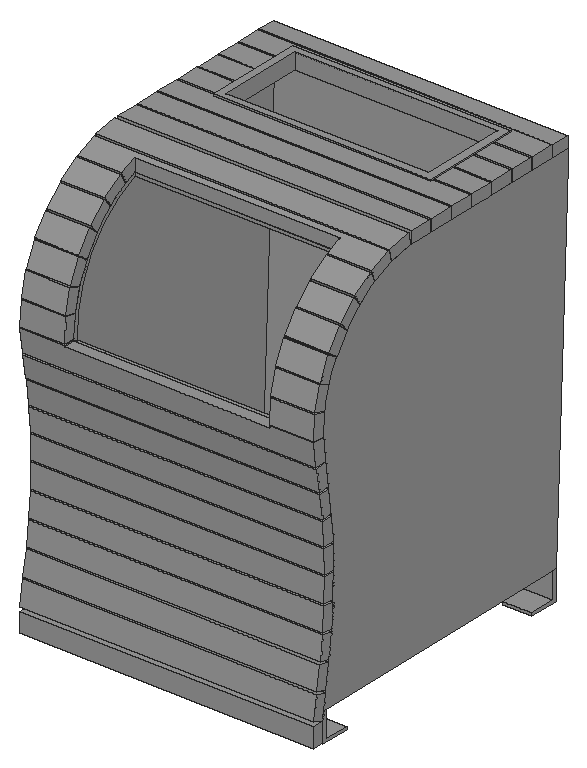
Revit family "Урна «Парабола» Арт 16294", category Антураж, Revit 2018
Family settings
  На основе рабочей плоскости = Нет
  Всегда вертикально = Да
  При загрузке вырезать с полостями = Нет
  Источник визуального образа = Геометрия семейства
  Общий = Нет
  Точка расчета площади = Нет
Parameters (values of type "Стандарт")
  Ширина = 540 mm  # constant formula
  Цвет отделки = Дерево Тик
  Цвет каркаса = Сталь
  Описание = "Урна «Парабола»"  # constant formula
  Материал изделия = "Сталь, дерево"  # constant formula
  Изображение типоразмера = Урна «Парабола» Арт 16294.jpg
  Изготовитель = "ООО «Хоббика»"  # constant formula
  Длина = 500 mm  # constant formula
  Группа модели = "Уличные урны"  # constant formula
  Высота = 700 mm  # constant formula
  Артикул товара = "Арт. 16294"  # constant formula
  URL = "https://hobbyka.ru/product/urna_parabola/"
Reference planes
  plane 1 "По центру (Вперед/Назад)": y = 0
  plane 2: z = 0
  plane 3 "По центру (Влево/Вправо)": x = 0
  plane 4: x = 500
  plane 5: y = 540
  plane 6: z = 700
Forms (mm)
  Extrusion 1, solid, material "Сталь" <- "Цвет каркаса"
    sketch origin (0, 0, 0) x (0, 1, 0) y (0, 0, 1)
      loop
        line (514.335, 50) -> (509.335, 50) -> (509.335, 5) -> (464.335, 5) -> (464.335, 0) -> (514.335, 0) -> (514.335, 50)
      loop
        line (20, 50) -> (20, 0) -> (70, 0) -> (70, 5) -> (25, 5) -> (25, 50) -> (20, 50)
    from 0 to 50
  Extrusion 2, solid, material "Сталь" <- "Цвет каркаса"
    sketch origin (0, 0, 0) x (0, 1, 0) y (0, 0, 1)
      loop
        line (25, 50) -> (20, 50) -> (20, 0) -> (70, 0) -> (70, 5) -> (25, 5) -> (25, 50)
      loop
        line (509.335, 5) -> (464.335, 5) -> (464.335, 0) -> (514.335, 0) -> (514.335, 50) -> (509.335, 50) -> (509.335, 5)
    from 450 to 500
  Extrusion 3, solid, material "Сталь" <- "Цвет каркаса"
    sketch origin (0, 0, 0) x (0, 1, 0) y (0, 0, 1)
      loop
        arc (514.338, 50.133) -> (523.535, 354.122) -> (540, 657.804) r 12714.661
        line (540, 657.804) -> (540, 679.977) -> (205.507, 679.977)
        arc (205.507, 679.977) -> (60.576, 595.752) -> (25.653, 431.803) r 206.825
        arc (25.653, 431.803) -> (44.381, 240.729) -> (21.284, 50.133) r 881.232
        line (21.284, 50.133) -> (514.338, 50.133)
    from 0 to 500
  Extrusion 4, void
    sketch origin (0, 0, 0) x (0, 1, 0) y (0, 0, 1)
      loop
        line (535, 657.969) -> (535, 674.977) -> (205.779, 674.977)
        arc (205.779, 674.977) -> (64.542, 592.709) -> (30.542, 432.834) r 201.824
        arc (30.542, 432.834) -> (49.407, 243.823) -> (27.561, 55.132) r 886.23
        line (27.561, 55.132) -> (509.43, 55.132)
        arc (509.43, 55.132) -> (518.64, 356.702) -> (535, 657.969) r 12719.661
    from 5 to 495
  Extrusion 5, solid, material "Дерево Тик" <- "Цвет отделки"
    sketch origin (0, 0, 0) x (0, 1, 0) y (0, 0, 1)
      loop
        line (540, 679.977) -> (540, 700) -> (508.75, 700) -> (508.75, 679.977) -> (540, 679.977)
      loop
        line (505.75, 679.977) -> (505.75, 700) -> (465.75, 700) -> (465.75, 679.977) -> (505.75, 679.977)
      loop
        line (462.75, 679.977) -> (462.75, 700) -> (422.75, 700) -> (422.75, 679.977) -> (462.75, 679.977)
      loop
        line (419.75, 679.977) -> (419.75, 700) -> (379.75, 700) -> (379.75, 679.977) -> (419.75, 679.977)
      loop
        line (376.75, 679.977) -> (376.75, 700) -> (336.75, 700) -> (336.75, 679.977) -> (376.75, 679.977)
      loop
        line (333.75, 679.977) -> (333.75, 700) -> (293.75, 700) -> (293.75, 679.977) -> (333.75, 679.977)
      loop
        line (290.75, 679.977) -> (290.75, 700) -> (250.75, 700) -> (250.75, 679.977) -> (290.75, 679.977)
      loop
        line (247.75, 679.977) -> (247.75, 700) -> (207.75, 700) -> (207.75, 679.977) -> (247.75, 679.977)
      loop
        line (203.9, 680.064) -> (201.529, 699.866)
        arc (201.529, 699.866) -> (181.651, 696.82) -> (162.124, 692.018) r 225.851
        line (162.124, 692.018) -> (166.635, 672.459)
        arc (166.635, 672.459) -> (185.091, 677.124) -> (203.9, 680.064) r 205.811
      loop
        arc (159.724, 691.291) -> (141.01, 684.591) -> (122.957, 676.273) r 225.93
        line (122.957, 676.273) -> (130.381, 657.589)
        arc (130.381, 657.589) -> (147.216, 665.501) -> (164.697, 671.862) r 205.886
        line (164.697, 671.862) -> (159.724, 691.291)
      loop
        arc (120.747, 675.26) -> (103.604, 665.201) -> (87.411, 653.673) r 225.93
        line (87.411, 653.673) -> (98.177, 636.694)
        arc (98.177, 636.694) -> (113.249, 647.596) -> (129.244, 657.094) r 205.886
        line (129.244, 657.094) -> (120.747, 675.26)
      loop
        arc (85.504, 652.168) -> (70.527, 639.1) -> (56.756, 624.767) r 225.93
        line (56.756, 624.767) -> (70.487, 610.081)
        arc (70.487, 610.081) -> (83.273, 623.593) -> (97.226, 635.895) r 205.886
        line (97.226, 635.895) -> (85.504, 652.168)
      loop
        arc (55.161, 622.934) -> (42.871, 607.312) -> (32.001, 590.671) r 225.93
        line (32.001, 590.671) -> (48.221, 578.791)
        arc (48.221, 578.791) -> (58.275, 594.441) -> (69.702, 609.12) r 205.886
        line (69.702, 609.12) -> (55.161, 622.934)
      loop
        arc (30.684, 588.629) -> (21.514, 570.994) -> (13.928, 552.621) r 225.93
        line (13.928, 552.621) -> (32.074, 543.965)
        arc (32.074, 543.965) -> (39.043, 561.213) -> (47.54, 577.761) r 205.886
        line (47.54, 577.761) -> (30.684, 588.629)
      loop
        arc (13.014, 550.37) -> (7.283, 531.337) -> (3.247, 511.875) r 225.93
        line (3.247, 511.875) -> (22.687, 506.744)
        arc (22.687, 506.744) -> (26.326, 524.987) -> (31.597, 542.826) r 205.886
        line (31.597, 542.826) -> (13.014, 550.37)
      loop
        arc (2.818, 509.483) -> (0.717, 489.717) -> (0.362, 469.844) r 225.93
        line (0.362, 469.844) -> (20.415, 468.408)
        arc (20.415, 468.408) -> (20.608, 487.009) -> (22.478, 505.517) r 205.886
        line (22.478, 505.517) -> (2.818, 509.483)
      loop
        arc (0.355, 467.415) -> (1.967, 447.603) -> (5.314, 428.011) r 225.93
        line (5.314, 428.011) -> (25.285, 430.33)
        arc (25.285, 430.33) -> (22.014, 448.642) -> (20.409, 467.175) r 205.886
        line (20.409, 467.175) -> (0.355, 467.415)
      loop
        line (25.682, 427.356) -> (5.744, 425.04)
        arc (5.744, 425.04) -> (9.522, 405.359) -> (12.842, 385.596) r 861.392
        line (12.842, 385.596) -> (32.723, 387.905)
        arc (32.723, 387.905) -> (29.427, 407.67) -> (25.682, 427.356) r 881.392
      loop
        line (33.344, 383.839) -> (13.315, 382.525)
        arc (13.315, 382.525) -> (16.102, 362.68) -> (18.426, 342.775) r 861.392
        line (18.426, 342.775) -> (38.398, 344.084)
        arc (38.398, 344.084) -> (36.097, 363.99) -> (33.344, 383.839) r 881.392
      loop
        line (38.819, 339.99) -> (18.749, 339.685)
        arc (18.749, 339.685) -> (20.535, 319.724) -> (21.856, 299.727) r 861.392
        line (21.856, 299.727) -> (41.868, 300.031)
        arc (41.868, 300.031) -> (40.571, 320.028) -> (38.819, 339.99) r 881.392
      loop
        line (42.078, 295.924) -> (22.019, 296.625)
        arc (22.019, 296.625) -> (22.802, 276.6) -> (23.119, 256.562) r 861.392
        line (23.119, 256.562) -> (43.121, 255.863)
        arc (43.121, 255.863) -> (42.827, 275.899) -> (42.078, 295.924) r 881.392
      loop
        line (43.125, 251.75) -> (23.126, 253.456)
        arc (23.126, 253.456) -> (22.904, 233.417) -> (22.217, 213.388) r 861.392
        line (22.217, 213.388) -> (42.159, 211.687)
        arc (42.159, 211.687) -> (42.87, 231.713) -> (43.125, 251.75) r 881.392
      loop
        line (41.957, 207.579) -> (22.068, 210.285)
        arc (22.068, 210.285) -> (20.843, 190.282) -> (19.152, 170.313) r 861.392
        line (19.152, 170.313) -> (38.984, 167.615)
        arc (38.984, 167.615) -> (40.698, 187.58) -> (41.957, 207.579) r 881.392
      loop
        line (38.566, 163.527) -> (18.838, 167.223)
        arc (18.838, 167.223) -> (16.614, 147.306) -> (13.928, 127.447) r 861.392
        line (13.928, 127.447) -> (33.601, 123.761)
        arc (33.601, 123.761) -> (36.31, 143.616) -> (38.566, 163.527) r 881.392
      loop
        line (32.992, 119.69) -> (13.474, 124.373)
        arc (13.474, 124.373) -> (10.253, 104.594) -> (6.571, 84.894) r 861.392
        line (6.571, 84.894) -> (26.034, 80.224)
        arc (26.034, 80.224) -> (29.737, 99.918) -> (32.992, 119.69) r 881.392
      loop
        line (5.96, 81.849) -> (0, 41.91) -> (19.372, 36.22) -> (25.332, 76.159) -> (5.96, 81.849)
      loop
        line (20, 2.2) -> (20, 34.739) -> (0, 34.739) -> (0, 2.2) -> (20, 2.2)
    from 0 to 500
  Extrusion 6, void
    sketch origin (0, 0, 0) x (1, 0, 0) y (0, 1, 0)
      loop
        line (75, 490) -> (75, 340) -> (425, 340) -> (425, 490) -> (75, 490)
      loop
        line (75, 150) -> (75, 0) -> (425, 0) -> (425, 150) -> (75, 150)
    from 464.975 to 818.345
  Sweep 7, solid, material "Сталь" <- "Цвет каркаса"
    path origin (0, 0, 0) x (1, 0, 0) y (0, 1, 0)
      loop
        line (75, 490) -> (75, 340) -> (425, 340) -> (425, 490) -> (75, 490)
    profile origin (250, 490, 0) x (0, 1, 0) y (0, 0, 1)
      loop
        line (0, 674.977) -> (0, 700) -> (10, 700) -> (10, 702.2) -> (-2, 702.2) -> (-2, 674.977) -> (0, 674.977)
Cuts and joins
  Extrusion 4, Extrusion 6 cuts Extrusion 3
  joined: Extrusion 3, Sweep 7
  Extrusion 6 cuts Extrusion 5
Dimensions and locks
  "Ширина": plane 5 to plane 1 "По центру (Вперед/Назад)"
  "Длина": plane 3 "По центру (Влево/Вправо)" to plane 4
  "Высота": plane 6 to level
  aligned and locked: level to plane 2
  aligned and locked: plane 4 to Extrusion 2
  aligned and locked: plane 4 to Extrusion 3
  aligned and locked: plane 4 to Extrusion 5
Automatic sketch dimensions
  Extrusion 1 sketch curve to level = 0 mm  (x2)
  Extrusion 1 sketch curve to plane 1 "По центру (Вперед/Назад)" = 20 mm
  Extrusion 1 sketch curve to Extrusion 1 sketch curve = 5 mm  (x2)
  level to Extrusion 1 sketch curve = 5 mm  (x2)
  Extrusion 1 sketch curve to Extrusion 1 sketch curve = 45 mm  (x3)
  Extrusion 1 sketch curve to plane 5 = 75.665 mm
  Extrusion 1 sketch curve to plane 5 = 30.665 mm
  Extrusion 2 sketch curve to level = 0 mm  (x2)
  Extrusion 2 sketch curve to plane 1 "По центру (Вперед/Назад)" = 20 mm
  Extrusion 2 sketch curve to Extrusion 2 sketch curve = 5 mm  (x2)
  Extrusion 2 sketch curve to Extrusion 2 sketch curve = 45 mm  (x3)
  Extrusion 2 sketch curve to plane 5 = 75.665 mm
  level to Extrusion 2 sketch curve = 5 mm  (x2)
  Extrusion 2 sketch curve to plane 5 = 30.665 mm
  Extrusion 3 sketch curve to plane 5 = 0 mm
  Extrusion 3 sketch curve to plane 5 = 25.662 mm
  Extrusion 3 sketch curve to plane 1 "По центру (Вперед/Назад)" = 228.046 mm
  Extrusion 3 sketch curve to plane 6 = 20.023 mm
  Extrusion 3 sketch curve to plane 1 "По центру (Вперед/Назад)" = 205.507 mm
  Extrusion 3 sketch curve to plane 1 "По центру (Вперед/Назад)" = 21.284 mm
  level to Extrusion 3 sketch curve = 250.815 mm
  plane 1 "По центру (Вперед/Назад)" to Extrusion 3 sketch curve = 836.794 mm
  Extrusion 3 sketch curve to level = 182.334 mm
  plane 5 to Extrusion 3 sketch curve = 12686.874 mm
  level to Extrusion 3 sketch curve = 50.133 mm
  Extrusion 3 sketch curve to Extrusion 3 sketch curve = 205.593 mm
  Extrusion 5 sketch curve to Extrusion 5 sketch curve = 0 mm  (x116)
  Extrusion 5 sketch curve to plane 1 "По центру (Вперед/Назад)" = 0 mm  (x2)
  level to Extrusion 5 sketch curve = 2.2 mm
  Extrusion 5 sketch curve to plane 5 = 0 mm
  level to Extrusion 5 sketch curve = 252.821 mm
  plane 1 "По центру (Вперед/Назад)" to Extrusion 5 sketch curve = 838.255 mm
  Extrusion 5 sketch curve to Extrusion 5 sketch curve = 0.01 mm  (x2)
  Extrusion 5 sketch curve to Extrusion 5 sketch curve = 0.035 mm
  Extrusion 5 sketch curve to plane 1 "По центру (Вперед/Назад)" = 0.355 mm
  Extrusion 5 sketch curve to plane 1 "По центру (Вперед/Назад)" = 0.362 mm
  Extrusion 5 sketch curve to plane 1 "По центру (Вперед/Назад)" = 2.818 mm
  Extrusion 5 sketch curve to Extrusion 5 sketch curve = 0.429 mm
  Extrusion 5 sketch curve to plane 1 "По центру (Вперед/Назад)" = 5.314 mm
  Extrusion 5 sketch curve to Extrusion 5 sketch curve = 0.43 mm
  Extrusion 5 sketch curve to plane 1 "По центру (Вперед/Назад)" = 5.96 mm
  Extrusion 5 sketch curve to Extrusion 5 sketch curve = 0.612 mm
  Extrusion 5 sketch curve to plane 1 "По центру (Вперед/Назад)" = 12.842 mm
  Extrusion 5 sketch curve to plane 1 "По центру (Вперед/Назад)" = 13.014 mm
  Extrusion 5 sketch curve to Extrusion 5 sketch curve = 0.473 mm
  Extrusion 5 sketch curve to plane 1 "По центру (Вперед/Назад)" = 13.474 mm
  Extrusion 5 sketch curve to Extrusion 5 sketch curve = 0.454 mm
  Extrusion 5 sketch curve to Extrusion 5 sketch curve = 0.915 mm
  Extrusion 5 sketch curve to plane 1 "По центру (Вперед/Назад)" = 18.426 mm
  Extrusion 5 sketch curve to Extrusion 5 sketch curve = 0.323 mm
  Extrusion 5 sketch curve to plane 1 "По центру (Вперед/Назад)" = 18.838 mm
  Extrusion 5 sketch curve to Extrusion 5 sketch curve = 0.315 mm
  Extrusion 5 sketch curve to plane 1 "По центру (Вперед/Назад)" = 19.372 mm
  Extrusion 5 sketch curve to Extrusion 5 sketch curve = 0.628 mm
  Extrusion 5 sketch curve to Extrusion 5 sketch curve = 20.054 mm
  Extrusion 5 sketch curve to Extrusion 5 sketch curve = 0.007 mm  (x3)
  Extrusion 5 sketch curve to plane 1 "По центру (Вперед/Назад)" = 21.856 mm
  Extrusion 5 sketch curve to Extrusion 5 sketch curve = 0.163 mm
  Extrusion 5 sketch curve to plane 1 "По центру (Вперед/Назад)" = 22.068 mm
  Extrusion 5 sketch curve to Extrusion 5 sketch curve = 0.148 mm
  Extrusion 5 sketch curve to Extrusion 5 sketch curve = 19.66 mm
  Extrusion 5 sketch curve to Extrusion 5 sketch curve = 0.209 mm
  Extrusion 5 sketch curve to plane 1 "По центру (Вперед/Назад)" = 23.119 mm
  Extrusion 5 sketch curve to Extrusion 5 sketch curve = 19.971 mm
  Extrusion 5 sketch curve to Extrusion 5 sketch curve = 19.372 mm
  Extrusion 5 sketch curve to Extrusion 5 sketch curve = 0.397 mm
  Extrusion 5 sketch curve to Extrusion 5 sketch curve = 0.702 mm
  Extrusion 5 sketch curve to plane 1 "По центру (Вперед/Назад)" = 30.684 mm
  Extrusion 5 sketch curve to Extrusion 5 sketch curve = 18.583 mm
  Extrusion 5 sketch curve to Extrusion 5 sketch curve = 1.317 mm
  Extrusion 5 sketch curve to Extrusion 5 sketch curve = 0.478 mm
  Extrusion 5 sketch curve to Extrusion 5 sketch curve = 19.881 mm
  Extrusion 5 sketch curve to Extrusion 5 sketch curve = 19.518 mm
  Extrusion 5 sketch curve to Extrusion 5 sketch curve = 0.621 mm
  Extrusion 5 sketch curve to Extrusion 5 sketch curve = 0.609 mm
  Extrusion 5 sketch curve to Extrusion 5 sketch curve = 19.972 mm
  Extrusion 5 sketch curve to Extrusion 5 sketch curve = 19.729 mm
  Extrusion 5 sketch curve to Extrusion 5 sketch curve = 0.42 mm
  Extrusion 5 sketch curve to Extrusion 5 sketch curve = 0.418 mm
  Extrusion 5 sketch curve to Extrusion 5 sketch curve = 20.013 mm
  Extrusion 5 sketch curve to Extrusion 5 sketch curve = 19.889 mm
  Extrusion 5 sketch curve to Extrusion 5 sketch curve = 0.21 mm
  Extrusion 5 sketch curve to Extrusion 5 sketch curve = 0.202 mm
  Extrusion 5 sketch curve to Extrusion 5 sketch curve = 20.003 mm
  Extrusion 5 sketch curve to Extrusion 5 sketch curve = 0.004 mm
  Extrusion 5 sketch curve to Extrusion 5 sketch curve = 16.856 mm
  Extrusion 5 sketch curve to Extrusion 5 sketch curve = 0.681 mm
  Extrusion 5 sketch curve to Extrusion 5 sketch curve = 23.16 mm
  Extrusion 5 sketch curve to Extrusion 5 sketch curve = 1.595 mm
  Extrusion 5 sketch curve to Extrusion 5 sketch curve = 14.54 mm
  Extrusion 5 sketch curve to Extrusion 5 sketch curve = 0.786 mm
  Extrusion 5 sketch curve to plane 6 = 47.832 mm
  Extrusion 5 sketch curve to Extrusion 5 sketch curve = 28.748 mm
  Extrusion 5 sketch curve to Extrusion 5 sketch curve = 1.907 mm
  Extrusion 5 sketch curve to plane 6 = 64.105 mm
  Extrusion 5 sketch curve to Extrusion 5 sketch curve = 11.722 mm
  Extrusion 5 sketch curve to Extrusion 5 sketch curve = 0.951 mm
  Extrusion 5 sketch curve to plane 6 = 24.74 mm
  Extrusion 5 sketch curve to Extrusion 5 sketch curve = 33.336 mm
  Extrusion 5 sketch curve to plane 6 = 23.727 mm
  Extrusion 5 sketch curve to Extrusion 5 sketch curve = 2.211 mm
  Extrusion 5 sketch curve to plane 6 = 42.906 mm
  Extrusion 5 sketch curve to Extrusion 5 sketch curve = 8.497 mm
  Extrusion 5 sketch curve to plane 6 = 42.411 mm
  Extrusion 5 sketch curve to Extrusion 5 sketch curve = 1.137 mm
  Extrusion 5 sketch curve to plane 6 = 8.709 mm
  Extrusion 5 sketch curve to Extrusion 5 sketch curve = 36.766 mm
  Extrusion 5 sketch curve to plane 6 = 7.982 mm
  Extrusion 5 sketch curve to Extrusion 5 sketch curve = 2.4 mm
  Extrusion 5 sketch curve to plane 6 = 28.138 mm
  Extrusion 5 sketch curve to Extrusion 5 sketch curve = 4.974 mm
  Extrusion 5 sketch curve to plane 6 = 27.541 mm
  Extrusion 5 sketch curve to Extrusion 5 sketch curve = 1.937 mm
  Extrusion 5 sketch curve to plane 6 = 0.134 mm
  Extrusion 5 sketch curve to Extrusion 5 sketch curve = 39.405 mm
  Extrusion 5 sketch curve to plane 6 = 19.936 mm
  Extrusion 5 sketch curve to Extrusion 5 sketch curve = 2.371 mm
  Extrusion 5 sketch curve to plane 6 = 0 mm  (x8)
  Extrusion 5 sketch curve to Extrusion 5 sketch curve = 6.221 mm
  Extrusion 5 sketch curve to Extrusion 5 sketch curve = 18.015 mm
  Extrusion 5 sketch curve to Extrusion 5 sketch curve = 0.355 mm
  Extrusion 5 sketch curve to Extrusion 5 sketch curve = 0.009 mm
  Extrusion 5 sketch curve to Extrusion 5 sketch curve = 0.056 mm  (x2)
  Extrusion 5 sketch curve to Extrusion 5 sketch curve = 0.032 mm
  Extrusion 5 sketch curve to Extrusion 5 sketch curve = 0.07 mm
  Extrusion 5 sketch curve to Extrusion 5 sketch curve = 0.011 mm
  Extrusion 5 sketch curve to Extrusion 5 sketch curve = 0.001 mm  (x2)
  Extrusion 5 sketch curve to Extrusion 5 sketch curve = 0.026 mm
  Extrusion 5 sketch curve to Extrusion 5 sketch curve = 0.061 mm
  Extrusion 5 sketch curve to Extrusion 5 sketch curve = 0.019 mm
  Extrusion 5 sketch curve to Extrusion 5 sketch curve = 0.077 mm
  Extrusion 5 sketch curve to Extrusion 5 sketch curve = 0.034 mm
  Extrusion 5 sketch curve to Extrusion 5 sketch curve = 40 mm  (x6)
  Extrusion 5 sketch curve to Extrusion 5 sketch curve = 3 mm  (x7)
  Extrusion 5 sketch curve to plane 5 = 34.25 mm
  level to Extrusion 5 sketch curve = 34.739 mm
  Extrusion 5 sketch curve to Extrusion 5 sketch curve = 1.481 mm
  Extrusion 5 sketch curve to Extrusion 5 sketch curve = 7.17 mm
  Extrusion 5 sketch curve to Extrusion 5 sketch curve = 39.939 mm
  Extrusion 5 sketch curve to Extrusion 5 sketch curve = 4.065 mm
  Extrusion 5 sketch curve to Extrusion 5 sketch curve = 1.624 mm
  Extrusion 5 sketch curve to Extrusion 5 sketch curve = 3.046 mm
  Extrusion 5 sketch curve to Extrusion 5 sketch curve = 39.466 mm
  Extrusion 5 sketch curve to Extrusion 5 sketch curve = 4.071 mm
  Extrusion 5 sketch curve to Extrusion 5 sketch curve = 3.074 mm
  Extrusion 5 sketch curve to Extrusion 5 sketch curve = 39.766 mm
  Extrusion 5 sketch curve to Extrusion 5 sketch curve = 4.088 mm
  Extrusion 5 sketch curve to Extrusion 5 sketch curve = 3.09 mm  (x2)
  Extrusion 5 sketch curve to Extrusion 5 sketch curve = 4.108 mm  (x2)
  Extrusion 5 sketch curve to Extrusion 5 sketch curve = 3.103 mm
  Extrusion 5 sketch curve to Extrusion 5 sketch curve = 4.113 mm
  Extrusion 5 sketch curve to Extrusion 5 sketch curve = 3.106 mm
  Extrusion 5 sketch curve to Extrusion 5 sketch curve = 3.102 mm
  Extrusion 5 sketch curve to Extrusion 5 sketch curve = 4.095 mm
  Extrusion 5 sketch curve to Extrusion 5 sketch curve = 3.07 mm
  Extrusion 5 sketch curve to Extrusion 5 sketch curve = 4.066 mm
  Extrusion 5 sketch curve to Extrusion 5 sketch curve = 2.97 mm
  Extrusion 5 sketch curve to Extrusion 5 sketch curve = 2.974 mm
  Extrusion 5 sketch curve to Extrusion 5 sketch curve = 36.845 mm
  Extrusion 5 sketch curve to Extrusion 5 sketch curve = 0.24 mm
  Extrusion 5 sketch curve to Extrusion 5 sketch curve = 1.233 mm
  Extrusion 5 sketch curve to Extrusion 5 sketch curve = 2.429 mm
  Extrusion 5 sketch curve to Extrusion 5 sketch curve = 0.044 mm
  Extrusion 5 sketch curve to Extrusion 5 sketch curve = 0.027 mm
  Extrusion 5 sketch curve to Extrusion 5 sketch curve = 0.045 mm
  Extrusion 5 sketch curve to Extrusion 5 sketch curve = 0.124 mm
  Extrusion 5 sketch curve to Extrusion 5 sketch curve = 0.072 mm
  Extrusion 5 sketch curve to Extrusion 5 sketch curve = 0.047 mm
  Extrusion 5 sketch curve to Extrusion 5 sketch curve = 0.115 mm
  Extrusion 5 sketch curve to Extrusion 5 sketch curve = 0.112 mm
  Extrusion 5 sketch curve to Extrusion 5 sketch curve = 0.037 mm
  Extrusion 5 sketch curve to Extrusion 5 sketch curve = 1.227 mm
  Extrusion 5 sketch curve to Extrusion 5 sketch curve = 2.392 mm
  Extrusion 5 sketch curve to Extrusion 5 sketch curve = 1.139 mm
  Extrusion 5 sketch curve to Extrusion 5 sketch curve = 2.251 mm
  Extrusion 5 sketch curve to Extrusion 5 sketch curve = 1.03 mm
  Extrusion 5 sketch curve to Extrusion 5 sketch curve = 2.042 mm
  Extrusion 5 sketch curve to Extrusion 5 sketch curve = 20.023 mm
  Extrusion 5 sketch curve to Extrusion 5 sketch curve = 0.087 mm
  Extrusion 4 sketch curve to plane 5 = 5 mm
  Extrusion 4 sketch curve to plane 5 = 30.57 mm
  Extrusion 4 sketch curve to plane 1 "По центру (Вперед/Назад)" = 228.042 mm
  Extrusion 4 sketch curve to plane 6 = 25.023 mm
  Extrusion 4 sketch curve to plane 1 "По центру (Вперед/Назад)" = 205.779 mm
  Extrusion 4 sketch curve to plane 1 "По центру (Вперед/Назад)" = 27.561 mm
  level to Extrusion 4 sketch curve = 250.817 mm
  plane 1 "По центру (Вперед/Назад)" to Extrusion 4 sketch curve = 836.795 mm
  Extrusion 4 sketch curve to level = 182.334 mm
  plane 5 to Extrusion 4 sketch curve = 12686.874 mm
  level to Extrusion 4 sketch curve = 55.132 mm
  Extrusion 4 sketch curve to Extrusion 4 sketch curve = 200.592 mm
  plane 1 "По центру (Вперед/Назад)" to Extrusion 6 sketch curve = 0 mm
  plane 3 "По центру (Влево/Вправо)" to Extrusion 6 sketch curve = 75 mm  (x2)
  Extrusion 6 sketch curve to plane 4 = 75 mm  (x2)
  Extrusion 6 sketch curve to plane 1 "По центру (Вперед/Назад)" = 150 mm
  Extrusion 6 sketch curve to Extrusion 6 sketch curve = 190 mm
  Extrusion 6 sketch curve to plane 5 = 50 mm
  plane 3 "По центру (Влево/Вправо)" to Sweep 7 sketch curve = 75 mm
  Sweep 7 sketch curve to plane 4 = 75 mm
  Sweep 7 sketch curve to plane 5 = 200 mm
  Sweep 7 sketch curve to plane 5 = 50 mm
  Sweep 7 sketch curve to profile plane = 0 mm
  profile plane to Sweep 7 sketch curve = 2 mm
  Sweep 7 sketch curve to profile plane = 10 mm
  level to Sweep 7 sketch curve = 700 mm
  Sweep 7 sketch curve to Sweep 7 sketch curve = 2.2 mm
  Sweep 7 sketch curve to Sweep 7 sketch curve = 25.023 mm
